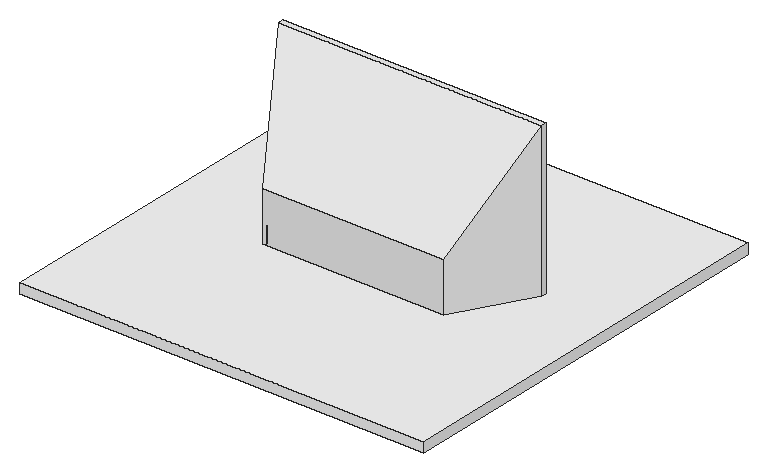
Revit family "BE_50200.1_de_DE", category Leuchten, Revit 2020
Family settings
  Basisbauteil = Fläche
  Bemaßung runder Anschluss = Durchmesser verwenden
  Teiletyp = Normal
  Beim Laden mit Abzugskörper schneiden = Ja
  Lichtquelle = Ja
  Gemeinsam genutzt = Nein
  Raumberechnungspunkt = Ja
Parameters (values of type "BEGA_50200.1_K27")
  built-in parameter 1150104 = 11.88 (stored number, unit not read)
  Wattage = 16.5 W
  Default Elevation = 0 mm
  built-in parameter 1150113 = 1 (stored number, unit not read)
  built-in parameter 1114218 = 1 (stored number, unit not read)
  Umgebungstemperatur = "25 °C"
  URL = "https://www.bega.com/de/produkt/50200.1"
  Typenkommentare = "© 2022 BEGA. Wir behalten uns das Recht vor, technische Änderungen ohne vorherige Ankündigung vorzunehmen."  # constant formula
  built-in parameter 1150134 = 12
  built-in parameter 1150109 = 1 (stored number, unit not read)
  Strom = ""
  built-in parameter 1150110 = 1 (stored number, unit not read)
  Spannung = 239.996 V
  Sonderanfertigung = no
  Seriennummer [instance] = "Hier können Sie die eindeutige Seriennummer für das Facility Management eintragen."
  Schutzklasse = "I"
  Schutzart = "IP 20"
  Scheinlast = 0 VA
  Produktdatenblatt = "https://cdn.bega.com/bega/products/50200.1K3/current/documents/data-sheets/de"
  Oberflächentemperatur = ""
  Neigungswinkel = 0.00°
  Modell = "50200.1K27"
  Material_17 = BEGA_Reflektor
  Material_15 = BEGA_Leuchtmedium_matt
  Material_11 = BEGA_Glas_opal
  Material_09 = BEGA_Glas_klar
  Material_06 = BEGA_Oberfläche_Edelstahl_gebürstet
  Material_03 = BEGA_Oberfläche_Weiss_matt
  Material_02 = BEGA_Oberfläche_Silber_matt
  Material_01 [instance] = BEGA_Oberfläche_Grafit_matt
  M_W = no
  M_G = no
  M_A = no
  Logo = 0
  built-in parameter 1114217 = 1 (stored number, unit not read)
  built-in parameter 1150139 = (empty or 0)
  built-in parameter 1150105 = 167.91 (stored number, unit not read)
  built-in parameter 1150114 = 1 (stored number, unit not read)
  Lumens = 2110.02 lm
  built-in parameter 1150115 = 1 (stored number, unit not read)
  Leuchtenlichtstrom = "1995 lm"
  Leuchtenanzahl = ""
  Lebensdauerkriterien = "L70B50 @ 25 °C = 175000 h"
  Lastklassifizierung = Beleuchtung
  built-in parameter 1150112 = 1 (stored number, unit not read)
  Lampenlichtstrom = "2360 lm"
  Lampe = "LED 16.2 W"
  LED_Modulbezeichnung = "LED-0590/927"
  Hersteller = "BEGA"  # constant formula
  Halbstreuwinkel = ""
  Gewicht = "1.7 kg"
  Gebrauchslageneinschränkung [instance] = ""
  Frequenz = "0/50-60 Hz"
  Farbwiedergabeindex = "CRI > 90"
  Farbtemperaturverschiebung bei Dämpfen der Lampe = <Keine Auswahl>
  Farbtemperatur = "2700 K"
  Color Filter = 16777215
  built-in parameter 1150133 = 10 (stored number, unit not read)
  Energieeffizienzklasse = "LED A++ - A"
  built-in parameter 1150137 = (empty or 0)
  built-in parameter 1150132 = (empty or 0)
  ENEC = "ja"
  Dimmbar [instance] = "DALI"
  Datei für fotometrisches Netz = "BE_50200.1K27.IES"
  CE_Konformität = "ja"
  Bestellnummer = "50200.1K27"
  Beschreibung_Sonderanfertigung = "Hier können Sie Informationen zur Sonderanfertigung eintragen."
  Beschreibung = "Wandfluter"
  built-in parameter 1150106 = 1.6791 (stored number, unit not read)
  Befestigungsbohrung = "Ø 4,5 mm"
  Befestigungsabstand = "190 mm"
  Ballwurfsicher = ""
  BEGA_Intern_aus = yes
  BEGA_Intern_an = yes
  BEGA_Intern_Konstruktion = yes
  BEGA_Intern = yes
  BEGA_IES = yes
  BEGA_Dummy = no
  Anschlussleitung = ""
  Anschlussleistung [instance] = "19.1 W"
  Anschlusskasten = ""
  built-in parameter 1150107 = 4000 (stored number, unit not read)
  built-in parameter 1150102 = (empty or 0)
  built-in parameter 1150138 = (empty or 0)
  Aktualisierung = "2022-05-19T04:00:07"
  Abstand_zur_angestrahlten_Fläche [instance] = ""
  AC/DC = "AC/DC"
Types (3, lengths in mm): name | built-in parameter 1150104 | built-in parameter 1150134 | Modell | built-in parameter 1150105 | Lumens | Leuchtenlichtstrom | Lampenlichtstrom | LED_Modulbezeichnung | Farbtemperatur | Datei für fotometrisches Netz | Bestellnummer | built-in parameter 1150106 | built-in parameter 1150107
  BEGA_50200.1_K3 | 11.487 (stored number, unit not read) | (empty or 0) | "50200.1K3" | 162.34 (stored number, unit not read) | 2040.06 lm | "2063 lm" | "2440 lm" | "LED-0590/930" | "3000 K" | "BE_50200.1K3.IES" | "50200.1K3" | 1.6234 (stored number, unit not read) | 3000 (stored number, unit not read)
  BEGA_50200.1_K4 | 11.88 (stored number, unit not read) | 12 | "50200.1K4" | 167.91 (stored number, unit not read) | 2110.02 lm | "2148 lm" | "2540 lm" | "LED-0590/940" | "4000 K" | "BE_50200.1K4.IES" | "50200.1K4" | 1.6791 (stored number, unit not read) | 4000 (stored number, unit not read)
  BEGA_50200.1_K27 | 11.88 (stored number, unit not read) | 12 | "50200.1K27" | 167.91 (stored number, unit not read) | 2110.02 lm | "1995 lm" | "2360 lm" | "LED-0590/927" | "2700 K" | "BE_50200.1K27.IES" | "50200.1K27" | 1.6791 (stored number, unit not read) | 4000 (stored number, unit not read)
Reference planes
  plane 1 "Mitte (Vorne/Hinten)": y = 0
  plane 2: z = 0
  plane 3 "Mitte (Links/Rechts)": x = 0
  plane 4 "Links": x = -129.913
  plane 5 "Rechts": x = 129.913
  plane 6 "Unten": y = -38
  plane 7 "Oben": y = 39.8
  plane 8 "Vorne": z = 152.913
  plane 9 "Hinten": z = 0
Forms (mm)
  Extrusion 1, solid, material "BEGA_Platte_Weiss"
    sketch origin (0, -1119.2, 0) x (1, 0, 0) y (0, 1, 0)
      loop
        line (-200, 1319.2) -> (-200, 919.2) -> (200, 919.2) -> (200, 1319.2) -> (-200, 1319.2)
    from 0 to -10
  Extrusion 2, solid, material "BEGA_Dummy_matt", visible <- "BEGA_Dummy"
    sketch origin (80.095, -76.023, 0) x (1, 0, 0) y (0, 1, 0)
      loop
        line (-210.008, 115.823) -> (-210.008, 38.023) -> (49.817, 38.023) -> (49.817, 115.823) -> (-210.008, 115.823)
    from 0 to 152.913
Dimensions and locks
  plane 1 "Mitte (Vorne/Hinten)" to Extrusion 1 = 200 mm
  aligned and locked: plane 2 to Extrusion 1
  aligned and locked: level to Extrusion 1
Nested families
  nested 1: "BE_50200.1" at (0, 0, 0), type "BE_50200.1"
Connectors
  electrical at (0, 0, 0), driven by "Lastklassifizierung", driven by "Spannung", driven by "Scheinlast"
    settings: index 1, voltage 239.996 V, apparent load 0 VA, apparent load phase1 0 VA, apparent load phase2 0 VA, apparent load phase3 0 VA, power factor 1, load classification "Beleuchtung", number of poles 1, system type 31, power factor state 1, is connector primary yes, connector utility no, sub classification motor no, connector description ""
Definition of nested family "BE_50200.1"
  Parameters (values of type "BE_50200.1")
    Default Elevation = 1 mm
    URL = "http://www.bega.de/de/produkt"
    Type Comments = "© 2015 BEGA. Wir behalten uns das Recht vor, technische Änderungen ohne vorherige Ankündigung vorzunehmen. "  # constant formula
    Type Image = (empty or 0)
    Neigungswinkel_um_Z2 = 0.00°
    Neigungswinkel_um_Z1 = 0.00°
    Neigungswinkel_um_Y2 = 0.00°
    Neigungswinkel_um_Y1 = 0.00°
    Neigungswinkel_um_X2 = 0.00°
    Neigungswinkel_um_X1 = 0.00°
    Material_17 = none
    Material_15 = none
    Material_11 = none
    Material_09 = none
    Material_06 = none
    Material_05 = none
    Material_03 = none
    Material_02 = none
    Material_01 = none
    M_W = yes
    M_G = yes
    M_A = yes
    Länge_Platte = 400 mm  # constant formula
    Höhe_Platte = -10 mm  # constant formula
    Manufacturer = "BEGA"  # constant formula
    Drehwinkel_um_Z2 = 0.00°
    Drehwinkel_um_Z1 = 0.00°
    Breite_Platte = 200 mm  # constant formula
  Reference planes
    plane 1 "Mitte (Oben/Unten)": y = 0
    plane 2: z = 0
    plane 3 "Mitte (Links/Rechts)": x = 0
    plane 4: x = -129.913
    plane 5: x = 129.913
    plane 6: z = 152.913
    plane 7: y = -38
    plane 8: y = 39.8
  Forms (mm)
    Extrusion 1, solid, detail levels medium
      sketch origin (0, 0, 0) x (1, 0, 0) y (0, 1, 0)
        loop
          line (-200, 100) -> (-200, -100) -> (200, -100) -> (200, 100) -> (-200, 100)
      from 0 to -10 <- "Höhe_Platte"
    Extrusion 2, solid, material <- "Material_03", detail levels medium+fine
      sketch origin (0, 0, 0) x (0, 1, 0) y (0, 0, 1)
        loop
          line (-38, 2) -> (38, 2) -> (38, 152.913) -> (33.061, 152.913) -> (-38, 50.56) -> (-38, 2)
      from -129.913 to 129.913
    Extrusion 3, void
      sketch origin (0, 0, 0) x (1, 0, 0) y (0, 1, 0)
        loop
          line (-133.346, 39.188) -> (-133.346, -41.243) -> (-87.586, -41.243) -> (-133.346, 39.188)
        loop
          line (133.346, 39.188) -> (87.586, -41.243) -> (133.346, -41.243) -> (133.346, 39.188)
      from 0 to 155.937
    Blend 4, void
      base sketch origin (0, -36.301, 2) x (0, -1, 0) y (1, 0, 0)
        loop
          line (-0.439, -79.142) -> (-0.439, 79.142) -> (-70.439, 118.968) -> (-70.439, -118.968) -> (-0.439, -79.142)
      top sketch origin (0, 35.5, 152.913) x (0, -1, 0) y (1, 0, 0)
        loop
          line (9.992, -117.578) -> (9.992, 117.578) -> (1.362, 117.578) -> (1.362, -117.578) -> (9.992, -117.578)
      from 0 to -12.516
    Extrusion 5, solid, material <- "Material_03", detail levels medium+fine
      sketch origin (0, 0, 0) x (1, 0, 0) y (0, 1, 0)
        loop
          line (-85.604, -33.242) -> (85.604, -33.242) -> (122.064, 30.842) -> (-122.064, 30.842) -> (-85.604, -33.242)
        loop
          line (-84.092, -30.642) -> (84.092, -30.642) -> (117.593, 28.242) -> (-117.593, 28.242) -> (-84.092, -30.642)
      from 0 to 36.849
    Extrusion 6, solid, material <- "Material_03", detail levels medium+fine
      sketch origin (0, 0, 0) x (1, 0, 0) y (0, 1, 0)
        loop
          line (-87.084, -30.642) -> (84.092, -30.642) -> (117.593, 28.242) -> (-120.584, 28.242) -> (-87.084, -30.642)
      from 8 to 11
    Extrusion 7, void
      sketch origin (0, 0, 0) x (0, 1, 0) y (0, 0, 1)
        loop
          line (32.601, 151) -> (32.601, 40.129) -> (38.951, 40.129) -> (38.951, 151) -> (32.601, 151)
      from -127.703 to 127.391
    Extrusion 8, solid, material <- "Material_17", detail levels medium+fine
      sketch origin (0, 0, 0) x (0, 1, 0) y (0, 0, 1)
        loop
          line (33.8, 53.994) -> (18.318, 59.631) -> (33.6, 138.286) -> (33.6, 145.996) -> (32.778, 145.996) -> (32.778, 137.967) -> (17.453, 59.147) -> (33, 53.489) -> (33, 45.695) -> (33.8, 45.695) -> (33.8, 53.994)
      from -117.578 to 117.578
    Extrusion 9, solid, material <- "Material_15", detail levels medium+fine
      sketch origin (0, 0, 0) x (1, 0, 0) y (0, 0, 1)
        loop
          line (27.973, 90.445) -> (27.973, 101.445) -> (-28.08, 101.445) -> (-28.08, 90.445) -> (27.973, 90.445)
      from -10.824 to -9.8
    Extrusion 10, solid, material <- "Material_09", detail levels medium+fine
      sketch origin (0, 0, 0) x (0, 1, 0) y (0, 0, 1)
        loop
          line (33.8, 40.129) -> (39.8, 40.129) -> (39.8, 150.85) -> (33.8, 150.85) -> (33.8, 40.129)
      from -127.703 to 127.391
    Extrusion 11, solid, material <- "Material_03", detail levels medium+fine
      sketch origin (0, 0, 0) x (0, 1, 0) y (0, 0, 1)
        loop
          line (33.8, 45.695) -> (29.088, 45.695) -> (29.088, 35.573) -> (33.8, 35.573) -> (33.8, 45.695)
      from -127.517 to 127.391
    Extrusion 12, void
      sketch origin (0, 0, 0) x (1, 0, 0) y (0, 1, 0)
        loop
          circle (-95, -4.4) r 2.75
        loop
          circle (95, -4.4) r 2.75
        loop
          circle (-70, 13.6) r 8.5
        loop
          circle (-70, -13.4) r 8.5
      from 0 to 15
    Extrusion 13, void
      sketch origin (0, -36.301, 2) x (0, -1, 0) y (1, 0, 0)
        loop
          line (-0.425, 78.067) -> (-0.425, 86.66) -> (-70.439, 126.494) -> (-70.439, 117.901) -> (-0.425, 78.067)
      from 0 to 22.216
    Extrusion 14, void
      sketch origin (0, -36.301, 2) x (0, -1, 0) y (1, 0, 0)
        loop
          line (-0.425, -78.067) -> (-70.439, -117.901) -> (-70.439, -126.494) -> (-0.425, -86.66) -> (-0.425, -78.067)
      from 0 to 22.216
    Extrusion 15, void
      sketch origin (0, 0, 0) x (1, 0, 0) y (0, 0, 1)
        loop
          line (-100.787, 28.5) -> (-100.787, 26.5)
          arc (-100.787, 26.5) -> (-97.613, 23.326) -> (-94.438, 26.5) r 3.174
          line (-94.438, 26.5) -> (-94.438, 28.5)
          arc (-94.438, 28.5) -> (-97.613, 31.674) -> (-100.787, 28.5) r 3.174
        loop
          arc (100.787, 28.5) -> (97.613, 31.674) -> (94.438, 28.5) r 3.174
          line (94.438, 28.5) -> (94.438, 26.5)
          arc (94.438, 26.5) -> (97.613, 23.326) -> (100.787, 26.5) r 3.174
          line (100.787, 26.5) -> (100.787, 28.5)
      from -38.951 to -27.699
    Extrusion 16, solid, material <- "Material_17", detail levels medium+fine
      sketch origin (2.039, 8.542, 0) x (0.996778, 0.080212, 0) y (-0.080212, 0.996778, 0)
        loop
          line (-9.666, 6.894) -> (-117.275, 34.79) -> (-117.522, 33.837) -> (-9.904, 5.94) -> (-9.666, 6.894)
      from 52.545 to 138.286
    Extrusion 17, solid, material <- "Material_17", detail levels medium+fine
      sketch origin (-2.039, 8.542, 0) x (-0.996778, 0.080212, 0) y (-0.080212, -0.996778, 0)
        loop
          line (-9.666, -6.894) -> (-9.904, -5.94) -> (-117.476, -33.825) -> (-117.229, -34.778) -> (-9.666, -6.894)
      from 52.545 to 138.286
    Extrusion 18, solid, material <- "Material_17", detail levels medium+fine
      sketch origin (-2.039, 8.542, 0) x (-0.996778, 0.080212, 0) y (-0.080212, -0.996778, 0)
        loop
          line (-9.666, -6.894) -> (-9.904, -5.94) -> (-117.522, -33.837) -> (-117.275, -34.79) -> (-9.666, -6.894)
      from 52.545 to 138.286
    Extrusion 19, void
      sketch origin (0, 0, 0) x (0, 1, 0) y (0, 0, 1)
        loop
          line (18.092, 58.592) -> (31.76, 53.618) -> (31.76, 55.33) -> (18.56, 59.876) -> (18.092, 58.592)
      from -28.08 to 27.973
    Extrusion 20, solid, material <- "Material_15", detail levels medium+fine
      sketch origin (0, 0, 0) x (0, 1, 0) y (0, 0, 1)
        loop
          line (18.345, 58.522) -> (18.032, 57.663) -> (30.343, 53.424) -> (30.655, 54.283) -> (18.345, 58.522)
      from -27.678 to 27.575
    Extrusion 21, void
      sketch origin (0, 0, 0) x (0, 1, 0) y (0, 0, 1)
        loop
          line (26.389, 140.604) -> (11.162, 140.604) -> (11.162, 118.67) -> (26.389, 140.604)
      from -94.438 to 122.064
  Cuts and joins
    Extrusion 3, Blend 4, Extrusion 7, Extrusion 13, Extrusion 14, Extrusion 15 cuts Extrusion 2
    Extrusion 14, Extrusion 15, Extrusion 21 cuts Extrusion 11
    joined: Extrusion 2, Extrusion 11
    Extrusion 12, Extrusion 14, Extrusion 15 cuts Extrusion 5
    Extrusion 12, Extrusion 15 cuts Extrusion 6
    joined: Extrusion 5, Extrusion 6
    Extrusion 3, Extrusion 12, Extrusion 19, Extrusion 21 cuts Extrusion 8
    Extrusion 21 cuts Extrusion 16
    Extrusion 21 cuts Extrusion 17
    Extrusion 21 cuts Extrusion 18
    joined: Extrusion 8, Extrusion 16, Extrusion 17, Extrusion 18
  Dimensions and locks
    equal spacing: Extrusion 1 sketch curve, plane 3 "Mitte (Links/Rechts)", Extrusion 1 sketch curve
    equal spacing: Extrusion 1 sketch curve, plane 1 "Mitte (Oben/Unten)", Extrusion 1 sketch curve
    "Länge_Platte": Extrusion 1 sketch curve to Extrusion 1 sketch curve
    "Breite_Platte": Extrusion 1 sketch curve to Extrusion 1 sketch curve
    aligned and locked: plane 2 to Extrusion 1
    aligned and locked: level to Extrusion 1
  Automatic sketch dimensions
    Extrusion 2 sketch curve to plane 7 = 0 mm
    Extrusion 2 sketch curve to plane 6 = 0 mm
    Extrusion 2 sketch curve to plane 8 = 6.739 mm
    Extrusion 2 sketch curve to plane 8 = 1.8 mm
    level to Extrusion 2 sketch curve = 50.56 mm
    level to Extrusion 2 sketch curve = 2 mm
    Extrusion 3 sketch curve to plane 4 = 3.433 mm
    Extrusion 3 sketch curve to plane 7 = 3.243 mm  (x2)
    plane 4 to Extrusion 3 sketch curve = 42.327 mm
    plane 5 to Extrusion 3 sketch curve = 42.327 mm
    Extrusion 3 sketch curve to plane 5 = 3.433 mm
    Extrusion 3 sketch curve to plane 8 = 0.612 mm  (x2)
    Extrusion 2 to Blend 4 sketch curve = 3.862 mm
    Blend 4 sketch curve to Extrusion 2 = 2.138 mm
    Blend 4 sketch curve to Extrusion 2 = 10.945 mm  (x2)
    Blend 4 sketch curve to Extrusion 2 = 50.77 mm  (x2)
    Blend 4 sketch curve to Extrusion 2 = 1.077 mm
    Extrusion 2 to Blend 4 sketch curve = 7.553 mm
    Extrusion 2 to Blend 4 sketch curve = 12.335 mm  (x2)
    plane 4 to Extrusion 5 sketch curve = 7.849 mm
    Extrusion 5 sketch curve to Extrusion 5 sketch curve = 4.471 mm  (x2)
    plane 7 to Extrusion 5 sketch curve = 4.758 mm
    plane 4 to Extrusion 5 sketch curve = 44.308 mm
    Extrusion 5 sketch curve to Extrusion 5 sketch curve = 1.512 mm  (x2)
    plane 7 to Extrusion 5 sketch curve = 7.358 mm
    plane 5 to Extrusion 5 sketch curve = 45.82 mm
    plane 5 to Extrusion 5 sketch curve = 12.32 mm
    Extrusion 5 sketch curve to plane 8 = 11.558 mm
    Extrusion 5 sketch curve to Extrusion 5 sketch curve = 2.6 mm
    plane 4 to Extrusion 6 sketch curve = 9.328 mm
    plane 7 to Extrusion 6 sketch curve = 7.358 mm
    plane 4 to Extrusion 6 sketch curve = 42.829 mm
    plane 5 to Extrusion 6 sketch curve = 45.82 mm
    plane 5 to Extrusion 6 sketch curve = 12.32 mm
    Extrusion 6 sketch curve to plane 8 = 11.558 mm
    Extrusion 7 sketch curve to plane 8 = 7.199 mm
    Extrusion 7 sketch curve to plane 8 = 0.849 mm
    level to Extrusion 7 sketch curve = 40.129 mm
    Extrusion 7 sketch curve to plane 6 = 1.913 mm
    Extrusion 8 sketch curve to plane 1 "Mitte (Oben/Unten)" = 17.453 mm
    Extrusion 8 sketch curve to Extrusion 8 sketch curve = 0.865 mm
    Extrusion 8 sketch curve to plane 8 = 7.022 mm
    Extrusion 8 sketch curve to plane 8 = 6.8 mm
    Extrusion 8 sketch curve to Extrusion 8 sketch curve = 0.822 mm
    Extrusion 8 sketch curve to Extrusion 8 sketch curve = 0.8 mm
    level to Extrusion 8 sketch curve = 45.695 mm
    Extrusion 8 sketch curve to Extrusion 8 sketch curve = 7.793 mm
    Extrusion 8 sketch curve to Extrusion 8 sketch curve = 0.506 mm
    Extrusion 8 sketch curve to Extrusion 8 sketch curve = 5.659 mm
    Extrusion 8 sketch curve to Extrusion 8 sketch curve = 0.483 mm
    Extrusion 8 sketch curve to plane 6 = 14.946 mm
    Extrusion 8 sketch curve to Extrusion 8 sketch curve = 0.319 mm
    Extrusion 8 sketch curve to plane 6 = 6.917 mm
    Extrusion 9 sketch curve to plane 3 "Mitte (Links/Rechts)" = 28.08 mm
    plane 3 "Mitte (Links/Rechts)" to Extrusion 9 sketch curve = 27.973 mm
    Extrusion 9 sketch curve to plane 6 = 62.467 mm
    Extrusion 9 sketch curve to Extrusion 9 sketch curve = 11 mm
    Extrusion 10 sketch curve to plane 8 = 0 mm
    Extrusion 10 sketch curve to Extrusion 10 sketch curve = 6 mm
    level to Extrusion 10 sketch curve = 40.129 mm
    Extrusion 10 sketch curve to plane 6 = 2.063 mm
    Extrusion 11 sketch curve to plane 8 = 10.712 mm
    Extrusion 11 sketch curve to Extrusion 11 sketch curve = 4.712 mm
    level to Extrusion 11 sketch curve = 35.573 mm
    Extrusion 11 sketch curve to Extrusion 11 sketch curve = 10.122 mm
    plane 1 "Mitte (Oben/Unten)" to Extrusion 12 sketch curve = 4.4 mm  (x2)
    plane 4 to Extrusion 12 sketch curve = 34.913 mm
    Extrusion 12 sketch curve to plane 1 "Mitte (Oben/Unten)" = 13.6 mm
    Extrusion 12 sketch curve to Extrusion 12 sketch curve = 25 mm  (x2)
    plane 5 to Extrusion 12 sketch curve = 34.913 mm
    plane 1 "Mitte (Oben/Unten)" to Extrusion 12 sketch curve = 13.4 mm
    Extrusion 2 to Extrusion 13 sketch curve = 3.862 mm
    Extrusion 13 sketch curve to Extrusion 2 = 2.123 mm
    Extrusion 13 sketch curve to Extrusion 2 = 51.846 mm
    Extrusion 13 sketch curve to Extrusion 13 sketch curve = 8.593 mm
    Extrusion 13 sketch curve to Extrusion 2 = 12.012 mm
    Extrusion 13 sketch curve to Extrusion 2 = 3.419 mm
    Extrusion 2 to Extrusion 14 sketch curve = 3.862 mm
    Extrusion 14 sketch curve to Extrusion 2 = 2.123 mm
    Extrusion 14 sketch curve to Extrusion 2 = 3.419 mm
    Extrusion 14 sketch curve to Extrusion 14 sketch curve = 8.593 mm  (x2)
    Extrusion 14 sketch curve to Extrusion 2 = 43.253 mm
    plane 4 to Extrusion 15 sketch curve = 29.126 mm
    Extrusion 15 sketch curve to Extrusion 15 sketch curve = 3.174 mm  (x2)
    plane 5 to Extrusion 15 sketch curve = 35.474 mm
    level to Extrusion 15 sketch curve = 26.5 mm  (x2)
    Extrusion 15 sketch curve to Extrusion 15 sketch curve = 2 mm  (x2)
    Extrusion 16 sketch curve to plane 8 = 6.957 mm
    plane 4 to Extrusion 16 sketch curve = 12.095 mm
    Extrusion 16 sketch curve to Extrusion 16 sketch curve = 0.247 mm
    Extrusion 16 sketch curve to Extrusion 16 sketch curve = 107.618 mm
    Extrusion 16 sketch curve to Extrusion 16 sketch curve = 0.238 mm
    Extrusion 16 sketch curve to Extrusion 16 sketch curve = 26.943 mm
    plane 8 to Extrusion 17 sketch curve = 6.965 mm
    Extrusion 17 sketch curve to plane 5 = 12.142 mm
    Extrusion 17 sketch curve to Extrusion 17 sketch curve = 0.247 mm
    Extrusion 17 sketch curve to Extrusion 17 sketch curve = 107.572 mm
    Extrusion 17 sketch curve to Extrusion 17 sketch curve = 0.238 mm
    Extrusion 17 sketch curve to Extrusion 17 sketch curve = 26.931 mm
    plane 8 to Extrusion 18 sketch curve = 6.957 mm
    Extrusion 18 sketch curve to plane 5 = 12.095 mm
    Extrusion 18 sketch curve to Extrusion 18 sketch curve = 0.247 mm
    Extrusion 18 sketch curve to Extrusion 18 sketch curve = 107.618 mm
    Extrusion 18 sketch curve to Extrusion 18 sketch curve = 0.238 mm
    Extrusion 18 sketch curve to Extrusion 18 sketch curve = 26.943 mm
    Extrusion 19 sketch curve to plane 1 "Mitte (Oben/Unten)" = 18.092 mm
    Extrusion 19 sketch curve to Extrusion 19 sketch curve = 0.467 mm
    Extrusion 19 sketch curve to plane 8 = 8.04 mm
    level to Extrusion 19 sketch curve = 53.618 mm
    Extrusion 19 sketch curve to Extrusion 19 sketch curve = 1.713 mm
    Extrusion 19 sketch curve to Extrusion 19 sketch curve = 3.262 mm
    level to Extrusion 20 sketch curve = 58.522 mm
    Extrusion 20 sketch curve to Extrusion 20 sketch curve = 0.313 mm  (x2)
    Extrusion 20 sketch curve to Extrusion 20 sketch curve = 12.311 mm
    Extrusion 20 sketch curve to plane 8 = 9.457 mm
    Extrusion 20 sketch curve to Extrusion 20 sketch curve = 0.859 mm  (x2)
    Extrusion 20 sketch curve to Extrusion 20 sketch curve = 4.239 mm
    Extrusion 21 sketch curve to plane 1 "Mitte (Oben/Unten)" = 11.162 mm
    Extrusion 21 sketch curve to plane 8 = 13.411 mm
    Extrusion 21 sketch curve to plane 6 = 34.242 mm
    Extrusion 21 sketch curve to plane 6 = 12.309 mm
    radius of Extrusion 12 sketch curve = 2.75 mm  (x2)
    radius of Extrusion 12 sketch curve = 8.5 mm  (x2)
